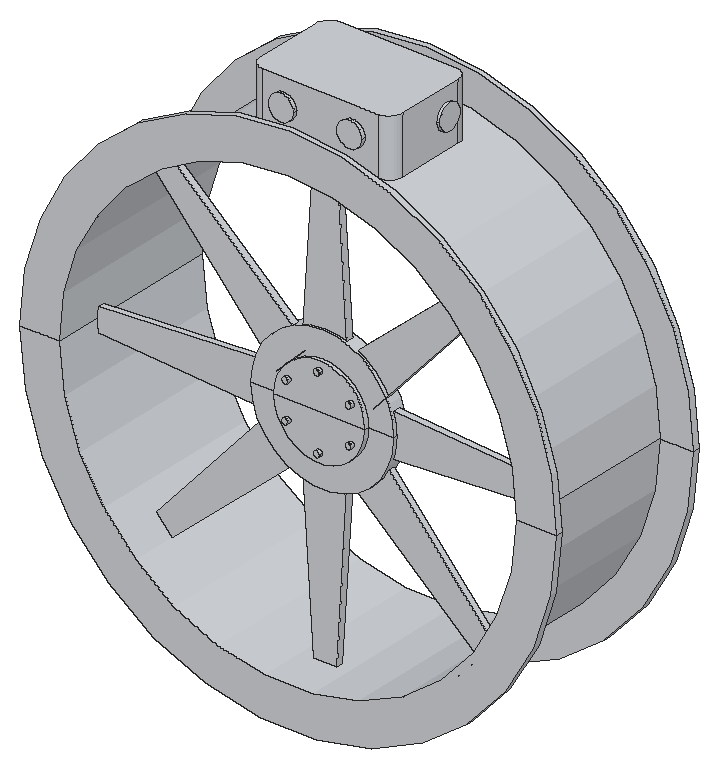
Revit family "CADS_Vent-Axia_MechEquip_Fan_ESC_1Ph6P - SUPPLY", category Mechanical Equipment, Revit 2020
Family settings
  Round Connector Dimension = Use Diameter
  Part Type = Normal
  OmniClass Number = 23.75.00.00
  OmniClass Title = Climate Control (HVAC)
  Work Plane-Based = No
  Always vertical = Yes
  Cut with Voids When Loaded = No
  Shared = No
  Room Calculation Point = No
Parameters (values of type "ESC40016")
  WorkingPressure = 0.0 Pa
  WarrantyStartDate [instance] = "1900-12-31T23:59:59"
  WarrantyPeriod = ""
  WarrantyIdentifier = "N/A"
  WarrantyGuarantorParts = "tech@vent-axia.com"
  WarrantyGuarantorLabor = "tech@vent-axia.com"
  WarrantyGuarantor = "Vent-Axia Limited"
  WarrantyEndDate [instance] = "1900-12-31T23:59:59"
  WarrantyContent = ""
  TemperatureRange = ""
  TagNumber [instance] = "N/A"
  SustainabilityPerformance = ""
  Status = "New"
  Size = ""
  Shape = ""
  ServiceLifeType = ""
  ServiceLifeDuration = ""
  SerialNumber [instance] = "N/A"
  ReplacementCost = ""
  RatedVoltage = 0 V
  RatedCurrent = 0 A
  Quantity = 1
  ProductionYear = ""
  PressureCurve = ""
  PowerFactor = ""
  PointOfContact = ""
  NumberOfPoles = 0
  NominalWidth = 400 mm
  NominalLength = 155 mm
  NominalHeight = 400 mm
  NominalFrequencyRange = ""
  NominalDiameter = 400 mm
  ModelReference = "SHORT CASED AXIAL FAN 400DIA 1PH 6 POLE"
  ModelNumber = "ESC40016"
  Material = ""
  ManufacturerE-Mail = "tech@vent-axia.com"
  ManufacturerAddress = "Fleming Way\nCrawley \nRH10 9YX"
  IsExtendedWarranty = no
  InsulationStandardClass = ""
  InstallationDate [instance] = "1900-12-31T23:59:59"
  IfcExportType [instance] = ""
  IfcExportAs = "IfcFanType"
  IP_Code = ""
  HasProtectiveEarth = no
  GrossWeight = 0.00 kg
  Grade = ""
  GlobalTradeItemNumber [instance] = "N/A"
  Fitting Type = "Ignore"
  Finish = ""
  Features = ""
  ExteriorInsulation = no
  ExpectedServiceLife = 0
  Exclusions = ""
  DurationUnit = "Year"
  Default Elevation = 0 mm
  Constituents = ""
  ConductorFunction = ""
  Color = ""
  CodePerformance = ""
  Category = ""
  CADS_Usage = 0
  CADS_Index = 0
  AssetType = "FIXED"
  AssetIdentifier [instance] = "N/A"
  AssemblyPlace = "UNKNOWN"
  ArticleNumber [instance] = "N/A"
  AirflowRateRange = 0.0 L/s
  Air Flow [instance] = 0.0 L/s
  AccessibilityPerformance = ""
Types (6, lengths in mm): name | NominalWidth | NominalLength | NominalHeight | NominalDiameter | ModelReference | ModelNumber
  ESC40016 | 400 | 155 | 400 | 400 | "SHORT CASED AXIAL FAN 400DIA 1PH 6 POLE" | "ESC40016"
  ESC45016 | 450 | 160 | 450 | 450 | "SHORT CASED AXIAL FAN 450DIA 1PH 6 POLE" | "ESC45016"
  ESC50016 | 500 | 166 | 500 | 500 | "SHORT CASED AXIAL FAN 500DIA 1PH 6 POLE" | "ESC50016"
  ESC56016 | 560 | 210 | 560 | 560 | "SHORT CASED AXIAL FAN 560DIA 1PH 6 POLE" | "ESC56016"
  ESC63016B | 630 | 220 | 630 | 630 | "630MM 1PH 6P CASED FAN" | "ESC63016B"
  ESC71016 | 710 | 260 | 710 | 710 | "SHORT CASED AXIAL FAN 710DIA 1PH 6 POLE" | "ESC71016"
Reference planes
  plane 1 "Center (Front/Back)": y = 0
  plane 2: z = 0
  plane 3 "Center (Left/Right)": x = 0
  plane 4: x = -200
  plane 5: x = 200
  plane 6 "F": y = -77.5
  plane 7 "B": y = 77.5
  plane 8: x = -235
  plane 9: y = 72.5
  plane 10: y = -72.5
  plane 11: x = -205
  plane 12: y = -37.5
  plane 13 "top": z = 200
  plane 14: z = -200
Forms (mm)
  Revolve 1, solid
    sketch origin (0, 0, 0) x (1, 0, 0) y (0, 1, 0)
      loop
        line (-235, -77.5) -> (-200, -77.5) -> (-200, 77.5) -> (-235, 77.5) -> (-235, 72.5) -> (-205, 72.5) -> (-205, -72.5) -> (-235, -72.5) -> (-235, -77.5)
      axis (0, 77.5) -> (0, -77.5)
    angle from 0 to 360
Dimensions and locks
  equal spacing: plane 4, plane 3 "Center (Left/Right)", plane 5
  equal spacing: plane 7 "B", plane 1 "Center (Front/Back)", plane 6 "F"
  "NominalLength": plane 7 "B" to plane 6 "F"
  "NominalDiameter": plane 4 to plane 5
  locked: plane 11 to plane 4 at 5
  locked: plane 8 to plane 11 at 30
  locked: plane 6 "F" to plane 10 at 5
  locked: plane 7 "B" to plane 9 at 5
  locked: plane 6 "F" to plane 12 at 40
  equal spacing: plane 13 "top", level, plane 14
  "NominalDiameter": plane 13 "top" to plane 14
  aligned and locked: level to plane 2
  aligned and locked: nested 1 to plane 12
  aligned and locked: plane 1 "Center (Front/Back)" to nested 16
  aligned and locked: plane 3 "Center (Left/Right)" to nested 16
Automatic sketch dimensions
  plane 6 "F" to Revolve 1 sketch curve = 0 mm
  Revolve 1 sketch curve to plane 8 = 0 mm  (x2)
  plane 10 to Revolve 1 sketch curve = 0 mm
  Revolve 1 sketch curve to plane 11 = 0 mm
  Revolve 1 sketch curve to plane 4 = 0 mm
  Revolve 1 sketch curve to plane 3 "Center (Left/Right)" = 0 mm
  plane 1 "Center (Front/Back)" to Revolve 1 sketch curve = 0 mm
  Revolve 1 sketch curve to plane 9 = 0 mm
  Revolve 1 sketch curve to plane 7 "B" = 0 mm
  plane 6 "F" to Revolve 1 sketch curve = 115 mm
Nested families
  nested 1: "Fan for ESC" at (0, -37.5, 0), ND <- "NominalDiameter", type "Fan for ESC"
    with hub 40 mm, ND 400 mm, BoltPCD 32 mm, Bolt Count 6, B_Diam 5 mm
  nested 2: "Bolts" at (27.713, -46.672, -16) x (-0.5, 0, -0.866) z (0, 1, 0), type "Bolts"
    with bd 5 mm
  nested 3: "Bolts" at (0, -46.672, -32) x (-1, 0, 0) z (0, 1, 0), type "Bolts"
    with bd 5 mm
  nested 4: "Bolts" at (-27.713, -46.672, -16) x (-0.5, 0, 0.866) z (0, 1, 0), type "Bolts"
    with bd 5 mm
  nested 5: "Bolts" at (-27.713, -46.672, 16) x (0.5, 0, 0.866) z (0, 1, 0), type "Bolts"
    with bd 5 mm
  nested 6: "Bolts" at (27.713, -46.672, 16) x (0.5, 0, -0.866) z (0, 1, 0), type "Bolts"
    with bd 5 mm
  nested 7: "Bolts" at (0, -46.672, 32) x (1, 0, 0) z (0, 1, 0), type "Bolts"
    with bd 5 mm
  nested 8: "ESC Blade" at (0, -37.5, 0), type "ESC Blade"
    with a 20.00°, HR 40 mm, HD 80 mm, BT 20 mm, BR 160 mm, BH 40 mm, BD 400 mm, BB 40 mm
  nested 9: "ESC Blade" at (0, -37.5, 0) x (0.7071, 0, -0.7071) z (0.7071, 0, 0.7071), type "ESC Blade"
    with a 20.00°, HR 40 mm, HD 80 mm, BT 20 mm, BR 160 mm, BH 40 mm, BD 400 mm, BB 40 mm
  nested 10: "ESC Blade" at (0, -37.5, 0) x (0, 0, -1) z (1, 0, 0), type "ESC Blade"
    with a 20.00°, HR 40 mm, HD 80 mm, BT 20 mm, BR 160 mm, BH 40 mm, BD 400 mm, BB 40 mm
  nested 11: "ESC Blade" at (0, -37.5, 0) x (-0.7071, 0, -0.7071) z (0.7071, 0, -0.7071), type "ESC Blade"
    with a 20.00°, HR 40 mm, HD 80 mm, BT 20 mm, BR 160 mm, BH 40 mm, BD 400 mm, BB 40 mm
  nested 12: "ESC Blade" at (0, -37.5, 0) x (-1, 0, 0) z (0, 0, -1), type "ESC Blade"
    with a 20.00°, HR 40 mm, HD 80 mm, BT 20 mm, BR 160 mm, BH 40 mm, BD 400 mm, BB 40 mm
  nested 13: "ESC Blade" at (0, -37.5, 0) x (-0.7071, 0, -0.7071) z (-0.7071, 0, 0.7071), type "ESC Blade"
    with a 20.00°, HR 40 mm, HD 80 mm, BT 20 mm, BR 160 mm, BH 40 mm, BD 400 mm, BB 40 mm
  nested 14: "ESC Blade" at (0, -37.5, 0) x (0, 0, -1) z (-1, 0, 0), type "ESC Blade"
    with a 20.00°, HR 40 mm, HD 80 mm, BT 20 mm, BR 160 mm, BH 40 mm, BD 400 mm, BB 40 mm
  nested 15: "ESC Blade" at (0, -37.5, 0) x (0.7071, 0, -0.7071) z (-0.7071, 0, -0.7071), type "ESC Blade"
    with a 20.00°, HR 40 mm, HD 80 mm, BT 20 mm, BR 160 mm, BH 40 mm, BD 400 mm, BB 40 mm
  nested 16: "Electrical Connection Box" at (0, 0, 200), type "125x84"
Connectors
  hvac at (0, -77.5, 0), driven by "NominalDiameter", driven by "Air Flow"
    settings: on Revolve 1, index 1, duct flow 0.0 L/s, flow factor 0, pres drop 0.0 Pa, loss coef 0, conn angle 0.00°, conn width 304.8 mm, conn height 304.8 mm, conn diameter 400 mm, duct sys type 1, conn prof type 0, flow config 1, flow direction 1, loss method 0, conn ref index -1, conn util no, is conn primary yes, conn desc ""
  hvac at (0, 77.5, 0), driven by "NominalDiameter", driven by "Air Flow"
    settings: on Revolve 1, index 2, duct flow 0.0 L/s, flow factor 0, pres drop 0.0 Pa, loss coef 0, conn angle 0.00°, conn width 304.8 mm, conn height 304.8 mm, conn diameter 400 mm, duct sys type 1, conn prof type 0, flow config 0, flow direction 2, loss method 0, conn ref index -1, conn util no, is conn primary no, conn desc ""
Definition of nested family "Fan for ESC"
  Parameters (values of type "Fan for ESC")
    hub [instance] = ND / 10  # 56.7 mm
    ND [instance] = 567 mm
    Model = "."
    Default Elevation = 0 mm
    BoltPCD [instance] = hub - (hub * 0.2)  # 45.36 mm
    Bolt Count [instance] = if(hub < 50 mm, 6, 8)  # 8
    B_Diam [instance] = if(hub < 50 mm, 5 mm, 10 mm)  # 10 mm
  Reference planes
    plane 1 "Center (Front/Back)": y = 0
    plane 2: z = 0
    plane 3 "Center (Left/Right)": x = 0
    plane 4 "back": y = 20
    plane 5 "bolts": y = -9.172
    plane 6 "B": z = 56.7
    plane 7: x = -79.287
    plane 8: x = -56.7
    plane 9 "hubface": y = -6.172
  Forms (mm)
    Revolve 1, solid
      sketch origin (0, 0, 0) x (1, 0, 0) y (0, 1, 0)
        loop
          line (0, 20) -> (-56.7, 20) -> (-56.7, 10.504) -> (-79.287, 10.504) -> (-79.287, -2.597) -> (-56.7, -2.597) -> (-56.7, -6.172) -> (0, -6.172) -> (0, 20)
        axis (0, 20) -> (0, -6.172)
      angle from 0 to 360
    Extrusion 2, solid, not visible
      sketch origin (0, -6.347, -4) x (-1, 0, 0) y (0, 0, 1)
        loop
          circle (0, 84) r 5
      from 0 to 3
  Lines and regions (mm)
    symbolic lines
      curve 1: circle (0, -9.172, 0) r 45.36 normal (0, 1, 0)
    model lines, not visible
      curve 2: line (0, -6.347, 85) -> (0, -6.347, 75)
  Dimensions and locks
    "hub": plane 6 "B" to plane 2
    "hub": nested 3 to plane 3 "Center (Left/Right)"
    "hub": nested 4 to plane 3 "Center (Left/Right)"
    "hub": nested 5 to plane 3 "Center (Left/Right)"
    "hub": plane 3 "Center (Left/Right)" to nested 6
    "hub": Revolve 1 sketch curve to Revolve 1 sketch curve
    "hub": plane 3 "Center (Left/Right)" to nested 7
    "hub": plane 3 "Center (Left/Right)" to nested 8
    "hub": plane 3 "Center (Left/Right)" to nested 9
    "hub": plane 8 to plane 3 "Center (Left/Right)"
    plane 7 to plane 8 = 22.587 mm
    diameter of Extrusion 2 sketch curve = 10 mm
    "BoltPCD": radius of curve 1
    "BoltPCD": radius of radial array
    aligned and locked: level to plane 2
    aligned and locked: plane 6 "B" to nested 1
  Automatic sketch dimensions
    Revolve 1 sketch curve to plane 7 = 0 mm
    Revolve 1 sketch curve to plane 8 = 0 mm  (x2)
    Revolve 1 sketch curve to plane 3 "Center (Left/Right)" = 0 mm
    Revolve 1 sketch curve to plane 9 "hubface" = 0 mm
    plane 4 "back" to Revolve 1 sketch curve = 0 mm
    plane 1 "Center (Front/Back)" to Revolve 1 sketch curve = 2.597 mm
    plane 4 "back" to Revolve 1 sketch curve = 9.496 mm
    Revolve 1 sketch curve to Revolve 1 sketch curve = 5 mm
    Revolve 1 sketch curve to plane 4 "back" = 45 mm
    curve 1 to level = 0 mm
    curve 1 to plane 3 "Center (Left/Right)" = 0 mm
  Nested families
    nested 1: "ESC Blade" at (0, 0, 0), BD <- "ND", HD <- "hub", type "ESC Blade"
      with a 20.00°, HR 56.7 mm, HD 113.4 mm, BT 28.35 mm, BR 226.8 mm, BH 40 mm, BD 567 mm, BB 56.7 mm
    nested 2: "ESC Blade" at (0, 0, 755), BD <- "ND", HD <- "hub", type "ESC Blade", not visible
      with a 20.00°, HR 56.7 mm, HD 113.4 mm, BT 28.35 mm, BR 226.8 mm, BH 40 mm, BD 567 mm, BB 56.7 mm
    nested 3: "ESC Blade" at (0, 0, 0) x (0.7071, 0, -0.7071) z (0.7071, 0, 0.7071), BD <- "ND", HD <- "hub", type "ESC Blade"
      with a 20.00°, HR 56.7 mm, HD 113.4 mm, BT 28.35 mm, BR 226.8 mm, BH 40 mm, BD 567 mm, BB 56.7 mm
    nested 4: "ESC Blade" at (0, 0, 0) x (0, 0, -1) z (1, 0, 0), BD <- "ND", HD <- "hub", type "ESC Blade"
      with a 20.00°, HR 56.7 mm, HD 113.4 mm, BT 28.35 mm, BR 226.8 mm, BH 40 mm, BD 567 mm, BB 56.7 mm
    nested 5: "ESC Blade" at (0, 0, 0) x (-0.7071, 0, -0.7071) z (0.7071, 0, -0.7071), BD <- "ND", HD <- "hub", type "ESC Blade"
      with a 20.00°, HR 56.7 mm, HD 113.4 mm, BT 28.35 mm, BR 226.8 mm, BH 40 mm, BD 567 mm, BB 56.7 mm
    nested 6: "ESC Blade" at (0, 0, 0) x (-1, 0, 0) z (0, 0, -1), BD <- "ND", HD <- "hub", type "ESC Blade"
      with a 20.00°, HR 56.7 mm, HD 113.4 mm, BT 28.35 mm, BR 226.8 mm, BH 40 mm, BD 567 mm, BB 56.7 mm
    nested 7: "ESC Blade" at (0, 0, 0) x (-0.7071, 0, -0.7071) z (-0.7071, 0, 0.7071), BD <- "ND", HD <- "hub", type "ESC Blade"
      with a 20.00°, HR 56.7 mm, HD 113.4 mm, BT 28.35 mm, BR 226.8 mm, BH 40 mm, BD 567 mm, BB 56.7 mm
    nested 8: "ESC Blade" at (0, 0, 0) x (0, 0, -1) z (-1, 0, 0), BD <- "ND", HD <- "hub", type "ESC Blade"
      with a 20.00°, HR 56.7 mm, HD 113.4 mm, BT 28.35 mm, BR 226.8 mm, BH 40 mm, BD 567 mm, BB 56.7 mm
    nested 9: "ESC Blade" at (0, 0, 0) x (0.7071, 0, -0.7071) z (-0.7071, 0, -0.7071), BD <- "ND", HD <- "hub", type "ESC Blade"
      with a 20.00°, HR 56.7 mm, HD 113.4 mm, BT 28.35 mm, BR 226.8 mm, BH 40 mm, BD 567 mm, BB 56.7 mm
    nested 10: "Bolts" at (0, -9.172, 45.36) x (1, 0, 0) z (0, 1, 0), bd <- "B_Diam", type "Bolts"
      with bd 10 mm
    nested 11: "Bolts" at (32.074, -9.172, 32.074) x (0.7071, 0, -0.7071) z (0, 1, 0), bd <- "B_Diam", type "Bolts"
      with bd 10 mm
    nested 12: "Bolts" at (-32.074, -9.172, 32.074) x (0.7071, 0, 0.7071) z (0, 1, 0), bd <- "B_Diam", type "Bolts"
      with bd 10 mm
    nested 13: "Bolts" at (-45.36, -9.172, 0) x (0, 0, 1) z (0, 1, 0), bd <- "B_Diam", type "Bolts"
      with bd 10 mm
    nested 14: "Bolts" at (-32.074, -9.172, -32.074) x (-0.7071, 0, 0.7071) z (0, 1, 0), bd <- "B_Diam", type "Bolts"
      with bd 10 mm
    nested 15: "Bolts" at (0, -9.172, -45.36) x (-1, 0, 0) z (0, 1, 0), bd <- "B_Diam", type "Bolts"
      with bd 10 mm
    nested 16: "Bolts" at (32.074, -9.172, -32.074) x (-0.7071, 0, -0.7071) z (0, 1, 0), bd <- "B_Diam", type "Bolts"
      with bd 10 mm
    nested 17: "Bolts" at (45.36, -9.172, 0) x (0, 0, -1) z (0, 1, 0), bd <- "B_Diam", type "Bolts"
      with bd 10 mm
  Definition of nested family "ESC Blade"
    Parameters (values of type "ESC Blade")
      a [instance] = 20.00°
      HR [instance] = HD / 2  # 30 mm
      HD [instance] = BD / 5  # 60 mm
      Default Elevation = 1219.2 mm
      BT [instance] = BD / 20  # 15 mm
      BR [instance] = (BD / 2) - HR  # 120 mm
      BH [instance] = 40 mm
      BD [instance] = 300 mm
      BB [instance] = BD / 10  # 30 mm
    Reference planes
      plane 1 "Center (Front/Back)": y = 0
      plane 2: z = 0
      plane 3 "Center (Left/Right)": x = 0
      plane 4 "Blade Bot": z = 30
      plane 5: x = -15
      plane 6: x = 15
      plane 7: x = -7.5
      plane 8: x = 7.5
    Forms (mm)
      Blend 1, solid
        base sketch origin (0, 0, 30) x (-1, 0, 0) y (0, -1, 0)
          loop
            line (15, 0) -> (-15, 0) -> (-15, -6) -> (15, -6) -> (15, 0)
        top sketch origin (0, 0, 30) x (-1, 0, 0) y (0, -1, 0)
          loop
            line (7.5, -6) -> (7.5, 0) -> (-7.5, 0) -> (-7.5, -6) -> (7.5, -6)
        from 0 to 120 <- "BR"
    Dimensions and locks
      "HR": plane 4 "Blade Bot" to level
      equal spacing: plane 8, plane 3 "Center (Left/Right)", plane 7
      "BT": plane 8 to plane 7
      equal spacing: plane 6, plane 3 "Center (Left/Right)", plane 5
      "BB": plane 6 to plane 5
      aligned and locked: level to plane 2
    Automatic sketch dimensions
      plane 1 "Center (Front/Back)" to Blend 1 sketch curve = 0 mm  (x2)
      Blend 1 sketch curve to plane 6 = 0 mm
      Blend 1 sketch curve to plane 5 = 0 mm
      Blend 1 sketch curve to plane 1 "Center (Front/Back)" = 6 mm  (x2)
      Blend 1 sketch curve to plane 8 = 0 mm
      Blend 1 sketch curve to plane 7 = 0 mm
  Definition of nested family "Bolts"
    Parameters
      bd [instance] = 10 mm
      Default Elevation = 1219.2 mm
    Reference planes
      plane 1 "Center (Front/Back)": y = 0
      plane 2: z = 0
      plane 3 "Center (Left/Right)": x = 0
    Forms (mm)
      Extrusion 1, solid
        sketch origin (0, 0, 0) x (1, 0, 0) y (0, 1, 0)
          loop
            line (-1219.2, 1219.2) -> (-1219.2, -1219.2) -> (1219.2, -1219.2) -> (1219.2, 1219.2) -> (-1219.2, 1219.2)
        from 0 to -304.8
      Extrusion 2, solid
        sketch origin (0, 0, 0) x (1, 0, 0) y (0, 1, 0)
          loop
            circle (0, 0) r 5
        from 0 to 3
    Dimensions and locks
      "bd": diameter of Extrusion 2 sketch curve
      aligned and locked: plane 2 to Extrusion 1
      aligned and locked: level to Extrusion 1
    Automatic sketch dimensions
      Extrusion 1 sketch curve to Extrusion 1 sketch curve = 2438.4 mm  (x2)
      plane 1 "Center (Front/Back)" to Extrusion 2 sketch curve = 0 mm
      Extrusion 2 sketch curve to plane 3 "Center (Left/Right)" = 0 mm
Definition of nested family "Bolts"
  Parameters
    bd [instance] = 10 mm
    Default Elevation = 1219.2 mm
  Reference planes
    plane 1 "Center (Front/Back)": y = 0
    plane 2: z = 0
    plane 3 "Center (Left/Right)": x = 0
  Forms (mm)
    Extrusion 1, solid
      sketch origin (0, 0, 0) x (1, 0, 0) y (0, 1, 0)
        loop
          line (-1219.2, 1219.2) -> (-1219.2, -1219.2) -> (1219.2, -1219.2) -> (1219.2, 1219.2) -> (-1219.2, 1219.2)
      from 0 to -304.8
    Extrusion 2, solid
      sketch origin (0, 0, 0) x (1, 0, 0) y (0, 1, 0)
        loop
          circle (0, 0) r 5
      from 0 to 3
  Dimensions and locks
    "bd": diameter of Extrusion 2 sketch curve
    aligned and locked: plane 2 to Extrusion 1
    aligned and locked: level to Extrusion 1
  Automatic sketch dimensions
    Extrusion 1 sketch curve to Extrusion 1 sketch curve = 2438.4 mm  (x2)
    plane 1 "Center (Front/Back)" to Extrusion 2 sketch curve = 0 mm
    Extrusion 2 sketch curve to plane 3 "Center (Left/Right)" = 0 mm
Definition of nested family "ESC Blade"
  Parameters (values of type "ESC Blade")
    a [instance] = 20.00°
    HR [instance] = HD / 2  # 30 mm
    HD [instance] = BD / 5  # 60 mm
    Default Elevation = 1219.2 mm
    BT [instance] = BD / 20  # 15 mm
    BR [instance] = (BD / 2) - HR  # 120 mm
    BH [instance] = 40 mm
    BD [instance] = 300 mm
    BB [instance] = BD / 10  # 30 mm
  Reference planes
    plane 1 "Center (Front/Back)": y = 0
    plane 2: z = 0
    plane 3 "Center (Left/Right)": x = 0
    plane 4 "Blade Bot": z = 30
    plane 5: x = -15
    plane 6: x = 15
    plane 7: x = -7.5
    plane 8: x = 7.5
  Forms (mm)
    Blend 1, solid
      base sketch origin (0, 0, 30) x (-1, 0, 0) y (0, -1, 0)
        loop
          line (15, 0) -> (-15, 0) -> (-15, -6) -> (15, -6) -> (15, 0)
      top sketch origin (0, 0, 30) x (-1, 0, 0) y (0, -1, 0)
        loop
          line (7.5, -6) -> (7.5, 0) -> (-7.5, 0) -> (-7.5, -6) -> (7.5, -6)
      from 0 to 120 <- "BR"
  Dimensions and locks
    "HR": plane 4 "Blade Bot" to level
    equal spacing: plane 8, plane 3 "Center (Left/Right)", plane 7
    "BT": plane 8 to plane 7
    equal spacing: plane 6, plane 3 "Center (Left/Right)", plane 5
    "BB": plane 6 to plane 5
    aligned and locked: level to plane 2
  Automatic sketch dimensions
    plane 1 "Center (Front/Back)" to Blend 1 sketch curve = 0 mm  (x2)
    Blend 1 sketch curve to plane 6 = 0 mm
    Blend 1 sketch curve to plane 5 = 0 mm
    Blend 1 sketch curve to plane 1 "Center (Front/Back)" = 6 mm  (x2)
    Blend 1 sketch curve to plane 8 = 0 mm
    Blend 1 sketch curve to plane 7 = 0 mm
Definition of nested family "Electrical Connection Box"
  Parameters (values of type "125x84")
    w = 125 mm
    vis grommets = yes
    h = 50 mm
    d = 84 mm
    Default Elevation = 1219.2 mm
  Types (4, lengths in mm): name | w | vis grommets | h | d
    125x84 | 125 | yes | 50 | 84
    165x135 | 165 | no | 50 | 135
    Electrical Connection Box 2 | 165 | no | 0 | 135
    Electrical Connection Box | 125 | no | 0 | 84
  Reference planes
    plane 1 "Center (Front/Back)": y = 0
    plane 2: z = 0
    plane 3 "Center (Left/Right)": x = 0
    plane 4: y = 42
    plane 5: x = 62.5
    plane 6: x = -62.5
    plane 7: y = -42
  Forms (mm)
    Extrusion 1, solid
      sketch origin (0, 0, 0) x (1, 0, 0) y (0, 1, 0)
        loop
          line (-1219.2, 1219.2) -> (-1219.2, -1219.2) -> (1219.2, -1219.2) -> (1219.2, 1219.2) -> (-1219.2, 1219.2)
      from 0 to -304.8
    Extrusion 2, solid
      sketch origin (-62.5, -42, 0) x (1, 0, 0) y (0, 1, 0)
        loop
          arc (12, 84) -> (3.515, 80.485) -> (0, 72) r 12
          line (0, 72) -> (0, 12)
          arc (0, 12) -> (3.515, 3.515) -> (12, 0) r 12
          line (12, 0) -> (113, 0)
          arc (113, 0) -> (121.485, 3.515) -> (125, 12) r 12
          line (125, 12) -> (125, 72)
          arc (125, 72) -> (121.485, 80.485) -> (113, 84) r 12
          line (113, 84) -> (12, 84)
      from 0 to 50 <- "h"
    Extrusion 3, solid, visible <- "vis grommets"
      sketch origin (62.5, 43.228, -0.59) x (0, -1, 0) y (0, 0, -1)
        loop
          circle (26.228, -28.09) r 11
      from 0 to 3
    Extrusion 4, solid, visible <- "vis grommets"
      sketch origin (204.495, -42, 22.909) x (-1, 0, 0) y (0, 0, -1)
        loop
          circle (176.995, -4.591) r 11
      from 0 to 3
    Extrusion 5, solid, visible <- "vis grommets"
      sketch origin (144.495, -42, 22.909) x (-1, 0, 0) y (0, 0, -1)
        loop
          circle (176.995, -4.591) r 11
      from 0 to 3
  Dimensions and locks
    "w": plane 6 to plane 5
    equal spacing: plane 6, plane 3 "Center (Left/Right)", plane 5
    "d": plane 4 to plane 7
    equal spacing: plane 4, plane 1 "Center (Front/Back)", plane 7
    aligned and locked: plane 2 to Extrusion 1
    aligned and locked: level to Extrusion 1
  Automatic sketch dimensions
    Extrusion 1 sketch curve to Extrusion 1 sketch curve = 2438.4 mm  (x2)
    Extrusion 2 sketch curve to plane 6 = 0 mm
    plane 7 to Extrusion 2 sketch curve = 0 mm
    Extrusion 2 sketch curve to plane 4 = 0 mm
    Extrusion 2 sketch curve to plane 5 = 0 mm
    Extrusion 2 sketch curve to plane 6 = 12 mm
    Extrusion 2 sketch curve to plane 4 = 12 mm  (x2)
    Extrusion 2 sketch curve to plane 5 = 12 mm
    Extrusion 3 sketch curve to Extrusion 2 = 13 mm
    Extrusion 2 to Extrusion 3 sketch curve = 22.5 mm
    Extrusion 4 sketch curve to Extrusion 2 = 23 mm
    Extrusion 2 to Extrusion 4 sketch curve = 22.5 mm
    Extrusion 2 to Extrusion 5 sketch curve = 18 mm
    Extrusion 2 to Extrusion 5 sketch curve = 22.5 mm
    radius of Extrusion 3 sketch curve = 11 mm
    radius of Extrusion 4 sketch curve = 11 mm
    radius of Extrusion 5 sketch curve = 11 mm
